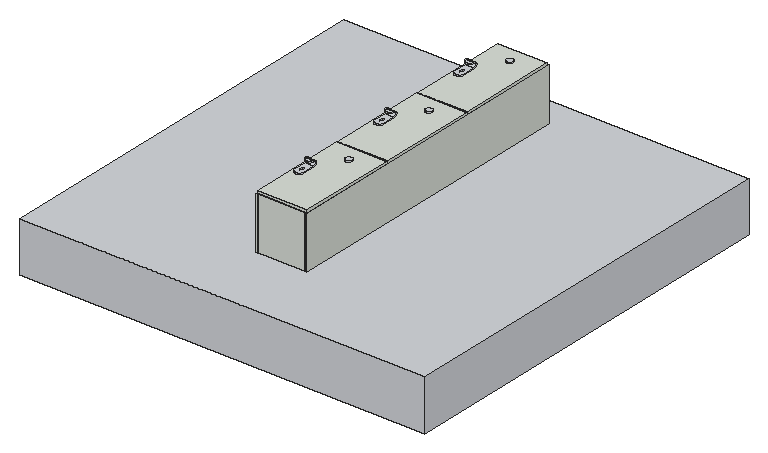
Revit family
Parameters (values of type "3 Tier Locker - 12.375"")
  Width = 12"
  Waste Connection = no
  WFU = 0
  Vent Connection = no
  URL = "www.spectrumlockers.com"
  Type Comments = ""
  Top/Bottom Panel Thickness = 1/2"
  Side Panel Thickness = 3/8"
  Shelf Thickness = 1/2"
  Price = "Prices may vary. Please consult Manufacturer Representative for most up-to-date price list."  # constant formula
  Phone Number = "416-250-5656"  # constant formula
  Omniclass Table 23 Title = "Lockers"  # constant formula
  Omniclass Table 23 Code = "23.40.20.11.17"  # constant formula
  Nominal Height = 29 1/8"
  Model = "3 Tier Locker - 12.375\""
  Material = Athlon-Spectrum-White-E0.00 CR
  Masterformat Title = "Phenolic Lockers"  # constant formula
  Masterformat Number = "10 51 29"  # constant formula
  Manufacturer = "Spectrum"
  Length = 12 3/8"
  Installation Type = "Wall Mounted"
  Height = 71 3/4"
  HWFU = 0
  HW Connection = no
  Description = "3 Tier Locker"
  Default Elevation = 0"
  Creation Date = "30/9/2014"  # constant formula
  Created By = "Allied Technical Services"  # constant formula
  CWFU = 0
  CW Connection = no
  Assembly Code = "E2020200"
  ATS URL = "http://www.atsspec.net"
Types (5): name | Model | Length
  (no name) | "3 Tier Locker - 12.375\"" | 12 3/8"
  3 Tier Locker - 12.375" | "3 Tier Locker - 12.375\"" | 12 3/8"
  3 Tier Locker - 15.375" | "3 Tier Locker - 15.375\"" | 15 3/8"
  3 Tier Locker - 20.375" | "3 Tier Locker - 20.375\"" | 20 3/8"
  3 Tier Locker - 24.375" | "3 Tier Locker - 24.375\"" | 24 3/8"
Reference planes (in)
  plane 1 "Center (Front/Back)": y = 0
  plane 2: z = 0
  plane 3 "Center (Left/Right)": x = 0
  plane 4: x = 5.625
  plane 5: x = 6
  plane 6: y = 71.75
  plane 7: y = 71.25
  plane 8: y = 0.5
  plane 9: x = -5.625
  plane 10: x = -6
  plane 11: z = 12.375
  plane 12: z = 12.875
  plane 13: z = 0.375
  plane 14: y = 23.75
  plane 15: y = 24.25
  plane 16: y = 24
  plane 17: y = 0.25
  plane 18: y = 71.5
  plane 19: y = 47.75
  plane 20: y = 47.5
  plane 21: y = 48
  plane 22: y = 57.125
  plane 23: y = 59.625
  plane 24: y = 35.875
  plane 25: y = 12.125
  plane 26: x = -5.42497
  plane 27: x = -3.42497
  plane 28: y = 33.375
  plane 29: y = 9.625
  plane 30: y = 67.75
  plane 31: y = 43.75
  plane 32: y = 20
Forms (in)
  Extrusion 1, solid
    sketch origin (0, 0, 0) x (1, 0, 0) y (0, 1, 0)
      loop
        line (-48, 78.52725) -> (-48, -17.47275) -> (48, -17.47275) -> (48, 78.52725) -> (-48, 78.52725)
    from 0 to -12
  Extrusion 2, solid, material "Athlon-Spectrum-White-E0.00 CR" <- "Material"
    sketch origin (0, 0, 0) x (1, 0, 0) y (0, 0, 1)
      loop
        line (-5.625, 12.375) -> (-5.625, 0) -> (5.625, 0) -> (5.625, 12.375) -> (-5.625, 12.375)
    from -71.75 to -71.25
  Extrusion 3, solid, material "Athlon-Spectrum-White-E0.00 CR" <- "Material"
    sketch origin (0, -59.25, 0) x (1, 0, 0) y (0, 0, 1)
      loop
        line (-5.625, 12.375) -> (-5.625, 0) -> (5.625, 0) -> (5.625, 12.375) -> (-5.625, 12.375)
    from -59.75 to -59.25
  Extrusion 4, solid, material "Athlon-Spectrum-White-E0.00 CR" <- "Material"
    sketch origin (0, 0, 0) x (0, 1, 0) y (0, 0, 1)
      loop
        line (71.75, 12.375) -> (0, 12.375) -> (0, 0) -> (71.75, 0) -> (71.75, 12.375)
    from -6 to -5.625
  Extrusion 5, solid, material "Athlon-Spectrum-White-E0.00 CR" <- "Material"
    sketch origin (0, 0, 0) x (0, 1, 0) y (0, 0, -1)
      loop
        line (71.75, -12.375) -> (71.75, 0) -> (0, 0) -> (0, -12.375) -> (71.75, -12.375)
    from -6 to -5.625
  Extrusion 6, solid, material "Athlon-Spectrum-White-E0.00 CR" <- "Material"
    sketch origin (0, 0, 0) x (1, 0, 0) y (0, 0, 1)
      loop
        line (-5.625, 0.375) -> (-5.625, 0) -> (5.625, 0) -> (5.625, 0.375) -> (-5.625, 0.375)
    from -71.25 to -0.5
  Extrusion 7, solid, material "Athlon-Spectrum-White-E0.00 CR" <- "Material"
    sketch origin (0, 0, 0) x (1, 0, 0) y (0, 1, 0)
      loop
        line (-5.875, 23.875) -> (-5.875, 0.25) -> (5.875, 0.25) -> (5.875, 23.875) -> (-5.875, 23.875)
    from 12.375 to 12.875
  Extrusion 8, solid, material "Athlon-Spectrum-White-E0.00 CR" <- "Material"
    sketch origin (0, 23.75, 0) x (1, 0, 0) y (0, 0, 1)
      loop
        line (-5.625, 12.375) -> (-5.625, 0.375) -> (5.625, 0.375) -> (5.625, 12.375) -> (-5.625, 12.375)
    from -24.25 to -23.75
  Extrusion 9, solid, material "Athlon-Spectrum-White-E0.00 CR" <- "Material"
    sketch origin (0, 0, 0) x (1, 0, 0) y (0, 0, 1)
      loop
        line (-5.625, 12.375) -> (-5.625, 0.375) -> (5.625, 0.375) -> (5.625, 12.375) -> (-5.625, 12.375)
    from -24.25 to -23.75
  Extrusion 10, solid, material "Athlon-Spectrum-White-E0.00 CR" <- "Material"
    sketch origin (0, 23.75, 0) x (1, 0, 0) y (0, 1, 0)
      loop
        line (-5.875, 23.875) -> (-5.875, 0.375) -> (5.875, 0.375) -> (5.875, 23.875) -> (-5.875, 23.875)
    from 12.375 to 12.875
  Extrusion 11, solid, material "Athlon-Spectrum-White-E0.00 CR" <- "Material"
    sketch origin (0, 47.5, 0) x (1, 0, 0) y (0, 1, 0)
      loop
        line (-5.875, 24) -> (-5.875, 0.375) -> (5.875, 0.375) -> (5.875, 24) -> (-5.875, 24)
    from 12.375 to 12.875
  Extrusion 12, solid
    sketch origin (0, 22.27814, 0) x (0, 1, 0) y (0, 0, 1)
      loop
        line (39.22186, 14.125) -> (37.34686, 14.125) -> (37.34686, 14) -> (39.22186, 14)
        arc (39.22186, 14) -> (39.72186, 13.5) -> (39.22186, 13) r 0.5
        line (39.22186, 13) -> (34.84686, 13) -> (34.84686, 12.875) -> (39.22186, 12.875)
        arc (39.22186, 12.875) -> (39.84686, 13.5) -> (39.22186, 14.125) r 0.625
      loop
        line (15.47186, 14.125) -> (13.59686, 14.125) -> (13.59686, 14) -> (15.47186, 14)
        arc (15.47186, 14) -> (15.97186, 13.5) -> (15.47186, 13) r 0.5
        line (15.47186, 13) -> (11.09686, 13) -> (11.09686, 12.875) -> (15.47186, 12.875)
        arc (15.47186, 12.875) -> (16.09686, 13.5) -> (15.47186, 14.125) r 0.625
      loop
        line (-8.27814, 14.125) -> (-10.15314, 14.125) -> (-10.15314, 14) -> (-8.27814, 14)
        arc (-8.27814, 14) -> (-7.77814, 13.5) -> (-8.27814, 13) r 0.5
        line (-8.27814, 13) -> (-12.65314, 13) -> (-12.65314, 12.875) -> (-8.27814, 12.875)
        arc (-8.27814, 12.875) -> (-7.65314, 13.5) -> (-8.27814, 14.125) r 0.625
    from -5.42497 to -3.42497
  Extrusion 13, void
    sketch origin (0, 20.60301, -9.05402) x (1, 0, 0) y (0, 1, 0)
      loop
        line (-5.42497, 40.8394) -> (-5.42497, 39.02199) -> (-3.42497, 39.02199) -> (-3.42497, 40.8394)
        arc (-3.42497, 40.8394) -> (-4.42497, 39.8394) -> (-5.42497, 40.8394) r 1
      loop
        line (-5.42497, 17.0894) -> (-5.42497, 15.27199) -> (-3.42497, 15.27199) -> (-3.42497, 17.0894)
        arc (-3.42497, 17.0894) -> (-4.42497, 16.0894) -> (-5.42497, 17.0894) r 1
      loop
        line (-5.42497, -6.6606) -> (-5.42497, -8.47801) -> (-3.42497, -8.47801) -> (-3.42497, -6.6606)
        arc (-3.42497, -6.6606) -> (-4.42497, -7.6606) -> (-5.42497, -6.6606) r 1
    from 23.05402 to 23.17902
  Extrusion 14, void
    sketch origin (0, 18.21503, -9.05402) x (1, 0, 0) y (0, 1, 0)
      loop
        line (-5.42497, 40.09927) -> (-5.42497, 38.90997) -> (-3.42497, 38.90997) -> (-3.42497, 40.09927)
        arc (-3.42497, 40.09927) -> (-4.42497, 39.09927) -> (-5.42497, 40.09927) r 1
      loop
        arc (-4.17497, 41.15997) -> (-4.42497, 41.40997) -> (-4.67497, 41.15997) r 0.25
        line (-4.67497, 41.15997) -> (-4.67497, 40.68669)
        arc (-4.67497, 40.68669) -> (-4.42497, 40.43669) -> (-4.17497, 40.68669) r 0.25
        line (-4.17497, 40.68669) -> (-4.17497, 41.15997)
      loop
        line (-5.42497, 16.34927) -> (-5.42497, 15.15997) -> (-3.42497, 15.15997) -> (-3.42497, 16.34927)
        arc (-3.42497, 16.34927) -> (-4.42497, 15.34927) -> (-5.42497, 16.34927) r 1
      loop
        arc (-4.17497, 17.40997) -> (-4.42497, 17.65997) -> (-4.67497, 17.40997) r 0.25
        line (-4.67497, 17.40997) -> (-4.67497, 16.93669)
        arc (-4.67497, 16.93669) -> (-4.42497, 16.68669) -> (-4.17497, 16.93669) r 0.25
        line (-4.17497, 16.93669) -> (-4.17497, 17.40997)
      loop
        line (-5.42497, -7.40073) -> (-5.42497, -8.59003) -> (-3.42497, -8.59003) -> (-3.42497, -7.40073)
        arc (-3.42497, -7.40073) -> (-4.42497, -8.40073) -> (-5.42497, -7.40073) r 1
      loop
        arc (-4.17497, -6.34003) -> (-4.42497, -6.09003) -> (-4.67497, -6.34003) r 0.25
        line (-4.67497, -6.34003) -> (-4.67497, -6.81331)
        arc (-4.67497, -6.81331) -> (-4.42497, -7.06331) -> (-4.17497, -6.81331) r 0.25
        line (-4.17497, -6.81331) -> (-4.17497, -6.34003)
    from 21.92902 to 23.17902
  Extrusion 15, solid
    sketch origin (0, 0, 0) x (1, 0, 0) y (0, 1, 0)
      loop
        circle (0, 67.75) r 0.75
      loop
        circle (0, 43.75) r 0.75
      loop
        circle (0, 20) r 0.75
    from 12.875 to 13
Cuts and joins
  Extrusion 13, Extrusion 14 cuts Extrusion 12
Lines and regions (in)
  Masking region 1
    outline origin (0, 0, 0) x (1, 0, 0) y (0, 1, 0)
      loop
        line (-6, 71.75) -> (-6, 0) -> (6, 0) -> (6, 71.75) -> (-6, 71.75)
  Masking region 2
    outline origin (0, 0, 0) x (0, 1, 0) y (0, 0, 1)
      loop
        line (71.75, 0) -> (71.75, 12.375) -> (71.5, 12.375) -> (71.5, 12.875) -> (47.875, 12.875) -> (47.875, 12.375) -> (47.625, 12.375) -> (47.625, 12.875) -> (24.125, 12.875) -> (24.125, 12.375) -> (23.875, 12.375) -> (23.875, 12.875) -> (0.25, 12.875) -> (0.25, 12.375) -> (0, 12.375) -> (0, 0) -> (71.75, 0)
  Masking region 3
    outline origin (0, 0, 0) x (1, 0, 0) y (0, 0, 1)
      loop
        line (6, 12.375) -> (5.875, 12.375) -> (5.875, 12.875) -> (-5.875, 12.875) -> (-5.875, 12.375) -> (-6, 12.375) -> (-6, 0) -> (6, 0) -> (6, 12.375)
  symbolic lines, detail levels medium+fine
    curve 1: line (-5.875, 71.5, 0) -> (5.875, 71.5, 0)
    curve 2: line (-5.875, 24.125, 0) -> (-5.875, 47.625, 0)
    curve 3: line (5.875, 24.125, 0) -> (-5.875, 24.125, 0)
    curve 4: line (5.875, 71.5, 0) -> (5.875, 47.875, 0)
    curve 5: line (-5.875, 23.875, 0) -> (5.875, 23.875, 0)
    curve 6: line (-5.875, 0.25, 0) -> (-5.875, 23.875, 0)
    curve 7: line (5.875, 0.25, 0) -> (-5.875, 0.25, 0)
    curve 8: line (5.875, 23.875, 0) -> (5.875, 0.25, 0)
    curve 9: line (0, 71.5, 12.375) -> (0, 47.875, 12.375)
    curve 10: line (0, 23.875, 12.375) -> (0, 0.25, 12.375)
    curve 11: line (5.875, 0, 12.375) -> (-5.875, 0, 12.375)
    curve 12: line (5.625, 0, 12.375) -> (5.625, 0, 0)
    curve 13: line (-5.625, 0, 0) -> (-5.625, 0, 12.375)
    curve 14: line (0, 47.625, 12.375) -> (0, 24.125, 12.375)
    curve 15: line (-5.875, 47.875, 0) -> (5.875, 47.875, 0)
    curve 16: line (5.875, 47.625, 0) -> (-5.875, 47.625, 0)
    curve 17: line (-5.875, 47.875, 0) -> (-5.875, 71.5, 0)
    curve 18: line (5.875, 47.625, 0) -> (5.875, 24.125, 0)
    curve 19: circle (0, 67.75, 0) r 0.75 normal (0, 0, 1)
    curve 20: circle (0, 43.75, 0) r 0.75 normal (0, 0, 1)
    curve 21: circle (0, 20, 0) r 0.75 normal (0, 0, 1)
Dimensions and locks (in)
  "Side Panel Thickness": plane 13 to Extrusion 1
  locked: plane 12 to plane 11 at 0.5
  "Top/Bottom Panel Thickness": plane 6 to plane 7
  "Top/Bottom Panel Thickness": plane 8 to plane 1 "Center (Front/Back)"
  locked: plane 14 to Extrusion 7 sketch curve at 0.125
  "Length": plane 11 to Extrusion 1
  "Shelf Thickness": plane 15 to plane 14
  "Side Panel Thickness": plane 10 to plane 9
  "Side Panel Thickness": plane 4 to plane 5
  "Width": plane 10 to plane 5
  equal spacing: plane 10, plane 3 "Center (Left/Right)", plane 5
  "Height": plane 6 to plane 1 "Center (Front/Back)"
  locked: plane 15 to plane 16 at 0.25
  locked: Extrusion 7 sketch curve to Extrusion 4 at 0.25
  locked: plane 8 to Extrusion 7 sketch curve at 0.25
  locked: Extrusion 5 to Extrusion 7 sketch curve at 0.25
  locked: plane 17 to plane 1 "Center (Front/Back)" at 0.25
  locked: plane 6 to plane 18 at 0.25
  equal spacing: plane 18, plane 19, plane 16, plane 17
  plane 14 to plane 8 = 23 1/4"
  "Shelf Thickness": plane 21 to plane 20
  locked: plane 21 to plane 19 at 0.25
  Extrusion 11 sketch curve to Extrusion 4 = 1/4"
  Extrusion 5 to Extrusion 11 sketch curve = 1/4"
  locked: plane 21 to Extrusion 11 sketch curve at 0.125
  locked: plane 15 to Extrusion 10 sketch curve at 0.125
  locked: plane 20 to Extrusion 10 sketch curve at 0.125
  locked: Extrusion 12 sketch curve to Extrusion 12 sketch curve at 0.125  (x3)
  equal spacing: plane 18, plane 23, plane 19
  equal spacing: plane 19, plane 24, plane 16
  equal spacing: plane 16, plane 25, plane 17
  locked: plane 23 to plane 22 at 2.5
  locked: Extrusion 12 sketch curve to plane 22 at 4.375
  locked: Extrusion 12 sketch curve to plane 12 at 1.25  (x3)
  locked: plane 23 to Extrusion 14 sketch curve at 2.5
  locked: plane 10 to plane 27 at 2.57503
  locked: plane 26 to plane 27 at 2
  locked: Extrusion 12 sketch curve to plane 28 at 4.375
  locked: Extrusion 12 sketch curve to plane 29 at 4.375
  locked: plane 24 to plane 28 at 2.5
  locked: plane 25 to plane 29 at 2.5
  locked: Extrusion 14 sketch curve to plane 24 at 2.5
  locked: plane 25 to Extrusion 14 sketch curve at 2.5
  locked: plane 6 to plane 30 at 4
  locked: plane 19 to plane 31 at 4
  locked: plane 16 to plane 32 at 4
  aligned and locked: plane 2 to Extrusion 1
  aligned and locked: level to Extrusion 1
  aligned and locked: plane 6 to Extrusion 2
  aligned and locked: Extrusion 2 to plane 7
  aligned and locked: plane 8 to Extrusion 3
  aligned and locked: plane 1 "Center (Front/Back)" to Extrusion 3
  aligned and locked: Extrusion 4 to plane 10
  aligned and locked: plane 9 to Extrusion 4
  aligned and locked: Extrusion 5 to plane 4
  aligned and locked: Extrusion 5 to plane 5
  aligned and locked: plane 7 to Extrusion 6
  aligned and locked: Extrusion 6 to plane 8
  aligned and locked: plane 12 to Extrusion 7
  aligned and locked: Extrusion 7 to plane 11
  aligned and locked: plane 6 to Extrusion 4 sketch curve
  aligned and locked: plane 11 to Extrusion 4 sketch curve
  aligned and locked: Extrusion 4 sketch curve to level
  aligned and locked: plane 1 "Center (Front/Back)" to Extrusion 4 sketch curve
  aligned and locked: Extrusion 5 sketch curve to plane 6
  aligned and locked: Extrusion 5 sketch curve to plane 11
  aligned and locked: Extrusion 5 sketch curve to plane 1 "Center (Front/Back)"
  aligned and locked: level to Extrusion 5 sketch curve
  aligned and locked: plane 11 to Extrusion 3
  aligned and locked: plane 11 to Extrusion 2
  aligned and locked: plane 9 to Extrusion 3 sketch curve
  aligned and locked: level to Extrusion 3 sketch curve
  aligned and locked: plane 4 to Extrusion 3 sketch curve
  aligned and locked: plane 9 to Extrusion 2 sketch curve
  aligned and locked: level to Extrusion 2 sketch curve
  aligned and locked: plane 4 to Extrusion 2 sketch curve
  aligned and locked: Extrusion 2 sketch curve to plane 11
  aligned and locked: plane 10 to Masking region 1 sketch curve
  aligned and locked: Masking region 1 sketch curve to plane 6
  aligned and locked: Masking region 1 sketch curve to Extrusion 5  (x2)
  aligned and locked: curve 5 to Extrusion 7  (x2)
  aligned and locked: Extrusion 7 to curve 8
  aligned and locked: curve 8 to Extrusion 7
  aligned and locked: plane 12 to Masking region 2 sketch curve  (x2)
  aligned and locked: plane 11 to Masking region 2 sketch curve  (x3)
  aligned and locked: plane 1 "Center (Front/Back)" to Masking region 2 sketch curve
  aligned and locked: Masking region 2 sketch curve to level
  aligned and locked: plane 6 to Masking region 2 sketch curve
  aligned and locked: Masking region 2 sketch curve to Extrusion 7  (x2)
  aligned and locked: plane 5 to Masking region 3 sketch curve
  aligned and locked: Masking region 3 sketch curve to Extrusion 4  (x2)
  aligned and locked: plane 11 to Masking region 3 sketch curve  (x2)
  aligned and locked: Masking region 3 sketch curve to Extrusion 7  (x2)
  aligned and locked: plane 12 to Masking region 3 sketch curve
  aligned and locked: curve 12 to Extrusion 5
  aligned and locked: curve 13 to Extrusion 4
  aligned and locked: Extrusion 8 to plane 20
  aligned and locked: plane 21 to Extrusion 8
  aligned and locked: Extrusion 8 to plane 9
  aligned and locked: Extrusion 8 to plane 4
  aligned and locked: plane 15 to Extrusion 9
  aligned and locked: Extrusion 9 to plane 14
  aligned and locked: Extrusion 9 to plane 9
  aligned and locked: Extrusion 9 to plane 4
  aligned and locked: Extrusion 11 sketch curve to plane 18
  aligned and locked: Extrusion 10 sketch curve to curve 2
  aligned and locked: Extrusion 10 sketch curve to curve 18
  aligned and locked: Masking region 2 to curve 9  (x2)
  aligned and locked: Extrusion 11 to Masking region 2
  aligned and locked: Extrusion 7 to Extrusion 10
  aligned and locked: Extrusion 10 to Masking region 2 sketch curve
  aligned and locked: Masking region 2 sketch curve to Extrusion 11
  aligned and locked: Extrusion 4 to Masking region 2 sketch curve
  aligned and locked: curve 14 to Masking region 2
  aligned and locked: curve 15 to Extrusion 11
  aligned and locked: curve 16 to Extrusion 10
  aligned and locked: Extrusion 11 to plane 11
  aligned and locked: Extrusion 10 to plane 11
  aligned and locked: Extrusion 12 sketch curve to plane 22
  aligned and locked: Extrusion 13 to Extrusion 12
  aligned and locked: Extrusion 12 to Extrusion 13
  aligned and locked: Extrusion 12 sketch curve to plane 12
  aligned and locked: Extrusion 12 sketch curve to plane 23
  aligned and locked: Extrusion 14 to cut or joined group of Extrusion 12, Extrusion 13, Extrusion 14
  aligned and locked: Extrusion 14 to plane 12
  aligned: Extrusion 12 to Extrusion 13
  aligned and locked: plane 27 to cut or joined group of Extrusion 12, Extrusion 13, Extrusion 14
  aligned and locked: Extrusion 14 sketch curve to plane 27
  aligned and locked: plane 26 to Extrusion 14 sketch curve
  aligned and locked: Extrusion 13 sketch curve to plane 27  (x3)
  aligned and locked: plane 26 to Extrusion 13 sketch curve  (x3)
  aligned and locked: cut or joined group of Extrusion 12, Extrusion 13, Extrusion 14 to plane 26
  aligned and locked: Extrusion 12 sketch curve to plane 28
  aligned and locked: Extrusion 12 sketch curve to plane 29
  aligned and locked: plane 24 to Extrusion 12 sketch curve
  aligned and locked: Extrusion 12 sketch curve to plane 25
  aligned and locked: plane 30 to Extrusion 15 sketch curve
  aligned and locked: plane 3 "Center (Left/Right)" to Extrusion 15 sketch curve  (x3)
  aligned and locked: plane 31 to Extrusion 15 sketch curve
  aligned and locked: plane 32 to Extrusion 15 sketch curve
  aligned and locked: Extrusion 15 to plane 12
  aligned and locked: Extrusion 15 to cut or joined group of Extrusion 12, Extrusion 13, Extrusion 14
  aligned and locked: curve 19 to Extrusion 15
  aligned and locked: curve 20 to Extrusion 15
  aligned and locked: curve 21 to Extrusion 15
Automatic sketch dimensions
  Extrusion 1 sketch curve to Extrusion 1 sketch curve = 96"  (x2)
  curve 10 to plane 11 = 0"
  curve 10 to plane 17 = 0"
  curve 14 to plane 11 = 0"
  curve 9 to plane 11 = 0"
  plane 14 to curve 10 = 1/8"
  curve 14 to plane 15 = 1/8"
  curve 11 to plane 11 = 0"
  curve 12 to level = 0"
  curve 13 to level = 0"
  plane 10 to curve 11 = 1/8"
  plane 5 to curve 11 = 1/8"
  Extrusion 3 sketch curve to plane 11 = 0"
  Extrusion 6 sketch curve to level = 0"
  Extrusion 6 sketch curve to plane 9 = 0"
  plane 4 to Extrusion 6 sketch curve = 0"
  Extrusion 6 sketch curve to plane 13 = 0"
  Masking region 2 sketch curve to plane 12 = 0"
  Masking region 2 sketch curve to plane 18 = 0"
  Masking region 2 sketch curve to plane 15 = 1/8"
  Extrusion 8 sketch curve to plane 9 = 0"
  plane 4 to Extrusion 8 sketch curve = 0"
  Extrusion 8 sketch curve to plane 13 = 0"
  Extrusion 8 sketch curve to plane 11 = 0"
  Extrusion 9 sketch curve to plane 9 = 0"
  plane 4 to Extrusion 9 sketch curve = 0"
  Extrusion 9 sketch curve to plane 13 = 0"
  Extrusion 9 sketch curve to plane 11 = 0"
  Extrusion 14 sketch curve to plane 26 = 0"  (x5)
  Extrusion 14 sketch curve to plane 27 = 0"  (x5)
  Extrusion 14 sketch curve to plane 25 = 1/4"
  plane 26 to Extrusion 14 sketch curve = 3/4"
  Extrusion 14 sketch curve to Extrusion 14 sketch curve = 1/4"  (x5)
  Extrusion 14 sketch curve to Extrusion 14 sketch curve = 0.47328"
  Extrusion 14 sketch curve to Extrusion 14 sketch curve = 0.58742"  (x4)
  Extrusion 14 sketch curve to Extrusion 14 sketch curve = 0"  (x4)
  Extrusion 14 sketch curve to Extrusion 14 sketch curve = 1.1893"  (x3)
  plane 24 to Extrusion 14 sketch curve = 1/4"
  Extrusion 14 sketch curve to plane 23 = 1/4"
  Extrusion 12 sketch curve to Extrusion 12 sketch curve = 0"  (x6)
  Extrusion 12 sketch curve to plane 12 = 0"  (x2)
  Extrusion 13 sketch curve to plane 26 = 0"  (x3)
  plane 24 to Extrusion 13 sketch curve = 0"
  Extrusion 13 sketch curve to plane 27 = 0"  (x3)
  Extrusion 13 sketch curve to plane 25 = 0"
  Extrusion 13 sketch curve to plane 23 = 0"
  Extrusion 13 sketch curve to Extrusion 13 sketch curve = 1.81741"  (x3)
  Extrusion 13 sketch curve to Extrusion 13 sketch curve = 0"  (x5)
  plane 23 to Extrusion 13 sketch curve = 1.81741"
  curve 1 to plane 18 = 0"
  plane 10 to curve 15 = 1/8"
  plane 10 to curve 16 = 1/8"
  plane 5 to curve 4 = 1/8"
  plane 5 to curve 16 = 1/8"
  curve 3 to plane 15 = 1/8"
  curve 16 to plane 19 = 1/8"
  radius of Extrusion 15 sketch curve = 3/4"  (x3)
